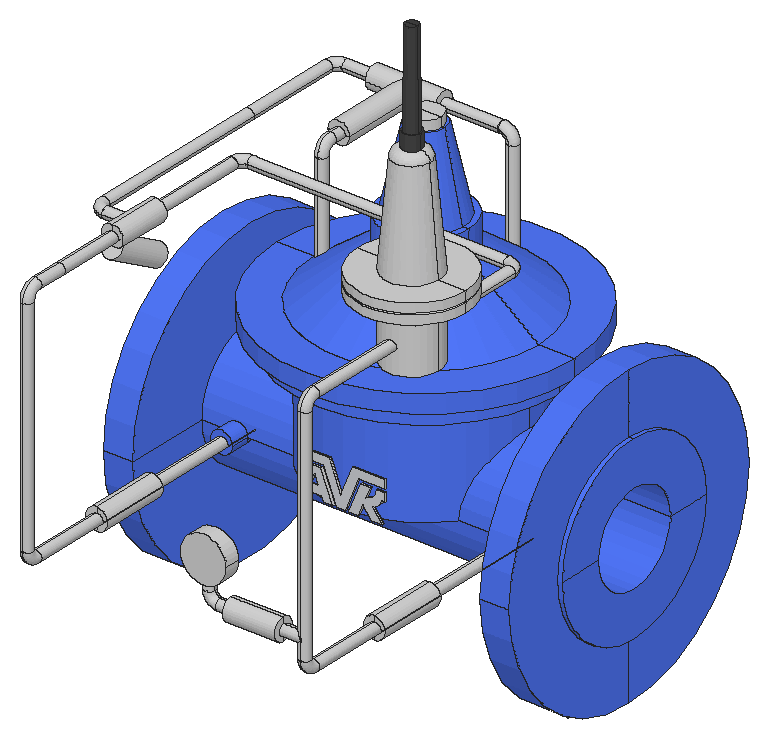
Revit family "879-100X99-001-DN50-600", category Pipe Accessories, Revit 2019 (continued)
Types (43, lengths in mm): name | W_Ref | W | Top_Profile_Ref | Top_Profile | D1 | Profile_Dia_3 | Profile_Dia_2 | Profile_Dia | Profile1_Length_2 | Profile1_Length | Profile1_Height | Pilot_top_ref | Pilot_top_1 | Pilot_Dia_5 | Pilot_Dia_4 | Pilot_Dia_3 | Pilot_Dia_2 | Pilot_Dia_1 | PG_ref | PG_depth | PG_Ref | PG_Dia | L | ID | H3 | Flange_thickness | Fillet_Length | D3 | DN | Bottom_profile | Bolt_support_lenght_2 | Bolt_support_lenght | Bolt_support_Dia | Bolt_support_2 | Bolt_support | Body_With_Dia_2 | Body_With_Dia | Body_Top_Dia_2 | Body_Top_Dia | Body_Height_4 | Body_Height_3 | Body_Height_2 | Body_Height_1 | Body_Flange_Dia_2 | Body_Flange_Dia | Body_Collar_Dia_2 | Body_Collar_Dia | 879-0050-10-144000599A0 | 879-0050-10-14400059999
  879-0600-10-04400059999_DN600_PN10 | 899 | 920 | 585 | 580 | 341 | 60 | 30 | 30 | 70.27 | 105.405 | 616 | 153.125 | 876.875 | 21.778 | 32.667 | 65.333 | 196 | 98 | 310 | 42 | 241.667 | 200 | 1450 | 300 | 1420 | 36 | 30 | 390 | 600 | 150 | 330 | 320 | 60 | 483.333 | 966.667 | 391.892 | 362.5 | 54.185 | 65.022 | 196.25 | 145 | 181.25 | 362.5 | 517.857 | 467.742 | 130.045 | 151.042 | "DN50_PN10/16" | "DN50_PN10/16"
  879-0600-10-044000599A0_DN600_PN10 | 899 | 920 | 585 | 580 | 341 | 60 | 30 | 30 | 70.27 | 105.405 | 660 | 235.125 | 958.875 | 21.778 | 32.667 | 65.333 | 196 | 98 | 310.05 | 42 | 241.667 | 200.033 | 1450 | 300.05 | 1584 | 36 | 30 | 390 | 600.1 | 150.025 | 330.05 | 320.05 | 60 | 483.333 | 966.667 | 391.892 | 362.5 | 54.185 | 65.022 | 196.25 | 145 | 181.25 | 362.5 | 517.857 | 467.742 | 130.045 | 151.042 | "DN50_PN10/16" | "DN50_PN10/16"
  879-0600-10-14400059999_DN600_PN16 | 899 | 920 | 585 | 580 | 360 | 60 | 30 | 30 | 75.676 | 113.514 | 616 | 138.125 | 861.875 | 23.556 | 35.333 | 70.667 | 212 | 106 | 310.1 | 42 | 241.667 | 200.067 | 1450 | 300.1 | 1420 | 36 | 30 | 420 | 600.2 | 150.05 | 330.1 | 320.1 | 60 | 483.333 | 966.667 | 391.892 | 362.5 | 54.185 | 65.022 | 196.25 | 145 | 181.25 | 362.5 | 517.857 | 467.742 | 130.045 | 151.042 | "DN50_PN10/16" | "DN50_PN10/16"
  879-0600-10-144000599A0_DN600_PN16 | 899 | 920 | 585 | 580 | 360 | 60 | 30 | 30 | 75.676 | 113.514 | 660 | 220.125 | 943.875 | 23.556 | 35.333 | 70.667 | 212 | 106 | 310.15 | 42 | 241.667 | 200.1 | 1450 | 300.15 | 1584 | 36 | 30 | 420 | 600.3 | 150.075 | 330.15 | 320.15 | 60 | 483.333 | 966.667 | 391.892 | 362.5 | 54.185 | 65.022 | 196.25 | 145 | 181.25 | 362.5 | 517.857 | 467.742 | 130.045 | 151.042 | "DN50_PN10/16" | "DN50_PN10/16"
  879-0050-10-14400059999_DN50_PN10/16 | 261.8 | 266 | 97 | 92 | 49.5 | 12 | 6 | 6 | 14.865 | 22.297 | 135 | 60.625 | 226.875 | 3.333 | 5 | 10 | 30 | 15 | 35 | 8.4 | 38.333 | 25 | 230 | 25 | 370 | 19 | 6 | 82.5 | 50 | 12.5 | 55 | 45 | 12 | 76.667 | 153.333 | 62.162 | 57.5 | 8.595 | 10.314 | 43.75 | 45 | 28.75 | 57.5 | 82.143 | 74.194 | 20.628 | 23.958 | "DN50_PN10/16" | "DN50_PN10/16"
  879-0050-10-144000599A0_DN50_PN10/16 | 261.8 | 266 | 97 | 92 | 49.5 | 12 | 6 | 6 | 14.865 | 22.297 | 145 | 76.625 | 247.875 | 3.333 | 5 | 10 | 30 | 15 | 35.05 | 8.4 | 38.333 | 25.05 | 230 | 25.05 | 407 | 19 | 6 | 82.5 | 50.1 | 12.525 | 55.05 | 45.05 | 12 | 76.667 | 153.333 | 62.162 | 57.5 | 8.595 | 10.314 | 43.75 | 50 | 28.75 | 57.5 | 82.143 | 74.194 | 20.628 | 23.958 | "DN125_PN10/16" | "DN125_PN10/16"
